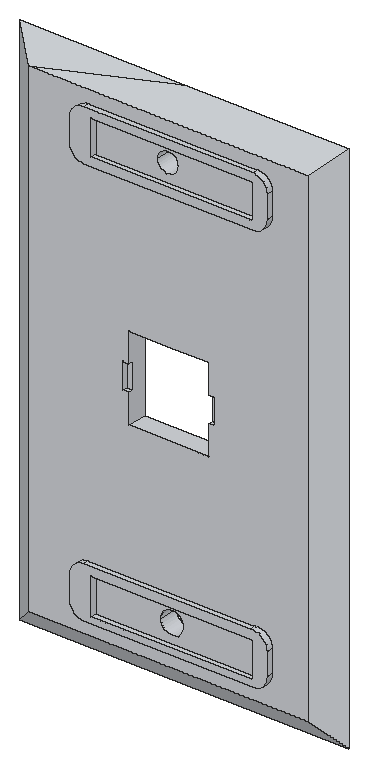
Revit family
Parameters
  Material ID = "760072074"
  Description = "STAINLESS STEEL TYPE FLUSH MOUNTED FACEPLATE, ONE PORT"
Reference planes (in)
  plane 1 "Center (Front/Back)": y = 0
  plane 2: z = 0
  plane 3 "Center (Left/Right)": x = 0
Forms (in)
  Extrusion 1, solid, not visible
    sketch origin (0, -14.305, 0) x (1, 0, 0) y (0, 0, 1)
      loop
        line (-8.5516, 0.86) -> (-8.5516, 0.46) -> (-7.9516, 0.46) -> (-7.9516, 0.86) -> (-8.5516, 0.86)
    from 0 to 0.77696
  Blend 2, solid
    base sketch origin (0, 0, 0) x (1, 0, 0) y (0, 0, 1)
      loop
        line (0, 2.25) -> (-1.375, 2.25) -> (-1.375, -2.25) -> (1.375, -2.25) -> (1.375, 2.25) -> (0, 2.25)
    top sketch origin (0, 0, 0) x (1, 0, 0) y (0, 0, 1)
      loop
        line (-1.175, 2.05) -> (-1.175, -2.05) -> (1.175, -2.05) -> (1.175, 2.05) -> (-1.175, 2.05)
    from 0 to 0.16
  Extrusion 3, void
    sketch origin (0, 0, 0) x (1, 0, 0) y (0, 0, 1)
      loop
        line (0, 0.354) -> (-0.335, 0.354) -> (-0.335, -0.354) -> (0.335, -0.354) -> (0.335, 0.354) -> (0, 0.354)
    from 0 to 12
  Extrusion 4, void
    sketch origin (0, 0, 0) x (1, 0, 0) y (0, 0, 1)
      loop
        line (-0.335, 0.109) -> (-0.3845, 0.109) -> (-0.3845, -0.109) -> (-0.335, -0.109) -> (-0.335, 0.109)
      loop
        line (0.3845, 0.109) -> (0.335, 0.109) -> (0.335, -0.109) -> (0.3845, -0.109) -> (0.3845, 0.109)
    from 0.12015 to 12
  Extrusion 5, solid
    sketch origin (0, 0, 0) x (1, 0, 0) y (0, 0, 1)
      loop
        arc (-0.67361, 1.94028) -> (-0.75645, 1.90597) -> (-0.79076, 1.82314) r 0.11715
        line (-0.79076, 1.82314) -> (-0.79076, 1.63288)
        arc (-0.79076, 1.63288) -> (-0.75561, 1.54803) -> (-0.67076, 1.51288) r 0.12
        line (-0.67076, 1.51288) -> (0.74543, 1.51288)
        arc (0.74543, 1.51288) -> (0.83028, 1.54803) -> (0.86543, 1.63288) r 0.12
        line (0.86543, 1.63288) -> (0.86543, 1.82298)
        arc (0.86543, 1.82298) -> (0.83107, 1.90593) -> (0.74812, 1.94028) r 0.1173
        line (0.74812, 1.94028) -> (-0.67361, 1.94028)
      loop
        arc (-0.67758, -1.49345) -> (-0.75799, -1.53085) -> (-0.79076, -1.61325) r 0.12
        line (-0.79076, -1.61325) -> (-0.79076, -1.80085)
        arc (-0.79076, -1.80085) -> (-0.75561, -1.8857) -> (-0.67076, -1.92085) r 0.12
        line (-0.67076, -1.92085) -> (0.74543, -1.92085)
        arc (0.74543, -1.92085) -> (0.83028, -1.8857) -> (0.86543, -1.80085) r 0.12
        line (0.86543, -1.80085) -> (0.86543, -1.61078)
        arc (0.86543, -1.61078) -> (0.82087, -1.51746) -> (0.72028, -1.49345) r 0.12
        line (0.72028, -1.49345) -> (-0.67758, -1.49345)
    from 0.16 to 0.21
  Extrusion 6, void
    sketch origin (0, 0, 0) x (1, 0, 0) y (0, 0, 1)
      loop
        line (-0.61626, 1.87578) -> (-0.61626, 1.58136) -> (0.74616, 1.58136) -> (0.74616, 1.87578) -> (-0.61626, 1.87578)
      loop
        line (-0.61626, -1.5623) -> (-0.61626, -1.86769) -> (0.74616, -1.86769) -> (0.74616, -1.5623) -> (-0.61626, -1.5623)
    from 0.16 to 12
  Extrusion 7, void
    sketch origin (0, 0, 0) x (1, 0, 0) y (0, 0, 1)
      loop
        circle (-0.00737, 1.7343) r 0.08643
      loop
        circle (0.02621, -1.71162) r 0.09717
    from 0 to 12
  Sweep 8, void
    path origin (0, 0, 0) x (1, 0, 0) y (0, 0, 1)
      loop
        line (1.25462, 2.12417) -> (-1.24538, 2.12417) -> (-1.24538, -2.12583) -> (1.25462, -2.12583) -> (1.25462, 2.12417)
    profile origin (0.00462, 0, 2.12417) x (0, 0, -1) y (0, -1, 0)
      loop
        line (0, 0) -> (0.25396, 0) -> (0.25396, 0.09548) -> (0.09548, 0.09548) -> (0, 0)
Cuts and joins
  Extrusion 3, Extrusion 4, Extrusion 6, Extrusion 7, Sweep 8 cuts Blend 2
  Extrusion 6, Extrusion 7 cuts Extrusion 5
